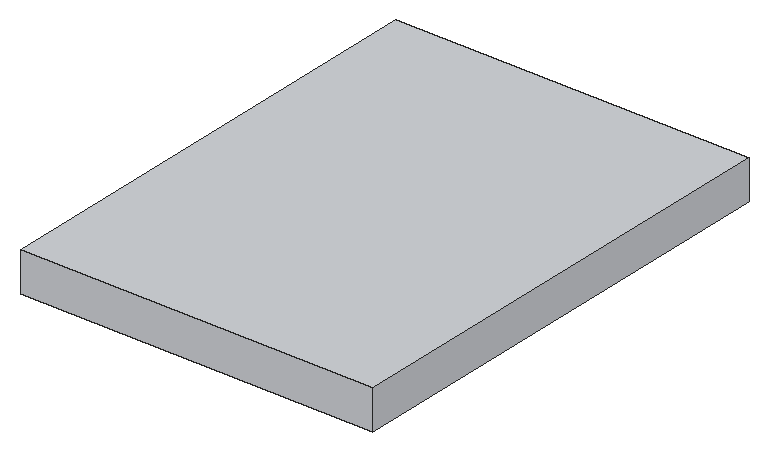
Revit family "71198bbc9adc449d8576bc1c835e478e", category Electrical Equipment, host Face, Revit 2021
Family settings
  Host = Face
  Round Connector Dimension = Use Diameter
  Part Type = Other Panel
  OmniClass Number = 23.85.30.21.11.14
  OmniClass Title = Alarm Panels
  Seek Item ID = Firefighter's Control and Indicating Panel-0000-USA-ENU
  Cut with Voids When Loaded = No
  Shared = No
  Room Calculation Point = No
Parameters (values of type "Standard")
  Width = 4' - 0"
  Panel Material = none
  Length = 3' - 0"
  Height = 0' - 4"
  Default Elevation = 4' - 0"
Reference planes (in)
  plane 1 "Center (Front/Back)": y = 0
  plane 2: z = 0
  plane 3 "Center (Left/Right)": x = 0
  plane 4: x = -18
  plane 5: x = 18
  plane 6: y = -48
  plane 7: z = 4
Forms (in)
  Extrusion 1, solid, material <- "Panel Material"
    sketch origin (0, 0, 0) x (1, 0, 0) y (0, 1, 0)
      loop
        line (-18, 0) -> (-18, -48) -> (18, -48) -> (18, 0) -> (-18, 0)
    from 0 to 4
Dimensions and locks (in)
  "Width": plane 1 "Center (Front/Back)" to plane 6
  equal spacing: plane 4, plane 3 "Center (Left/Right)", plane 5
  "Length": plane 4 to plane 5
  "Height": plane 7 to plane 2
  aligned and locked: plane 2 to host face
  aligned and locked: level to host face
  aligned and locked: plane 4 to Extrusion 1 sketch curve
  aligned and locked: plane 1 "Center (Front/Back)" to Extrusion 1 sketch curve
  aligned and locked: plane 6 to Extrusion 1 sketch curve
  aligned and locked: Extrusion 1 sketch curve to plane 5
  aligned and locked: Extrusion 1 to plane 2
  aligned and locked: plane 7 to Extrusion 1
  aligned and locked: plane 5 to Extrusion 1
  aligned and locked: plane 2 to nested 1
  aligned and locked: plane 7 to nested 1
  aligned and locked: plane 4 to nested 1
  aligned and locked: plane 5 to nested 1
Automatic sketch dimensions
  host sketch curve to host sketch curve = 8' - 0"  (x2)
Nested families (in)
  nested 1: "Firefighter's Control and Indicating Panel Annotation" at (21.5, 0, -5.5) x (1, 0, 0) z (0, -1, 0), type "Firefighter's Control and Indicating Panel Annotation", detail levels coarse+medium
    with Width 0' - 4", Length 3' - 0"
Connectors (in)
  electrical at (0, 0, 2)
    settings: on Extrusion 1, index 1, voltage 0 V, apparent load 0 VA, apparent load phase1 0 VA, apparent load phase2 0 VA, apparent load phase3 0 VA, power factor 1, load classification "Other", number of poles 1, system type 11, power factor state 1, is connector primary yes, connector utility no, sub classification motor no, connector description ""
  cabletrayconduit at (0, 0, 2), diameter 24
    settings: on Extrusion 1, index 2, connector width 1' - 0", connector height 1' - 0", connector angle 0.00°, system type 32, placement type 1, profile type 0, connector reference index -1, is primary connector yes, connector utility param no, connector description ""
  cabletrayconduit at (-18, -24, 2), diameter 24
    settings: on Extrusion 1, index 3, connector width 1' - 0", connector height 1' - 0", connector angle 0.00°, system type 32, placement type 1, profile type 0, connector reference index -1, is primary connector no, connector utility param no, connector description ""
  cabletrayconduit at (18, -24, 2), diameter 24
    settings: on Extrusion 1, index 4, connector width 1' - 0", connector height 1' - 0", connector angle 0.00°, system type 32, placement type 1, profile type 0, connector reference index -1, is primary connector no, connector utility param no, connector description ""
  cabletrayconduit at (0, -24, 0), diameter 24
    settings: on Extrusion 1, index 5, connector width 1' - 0", connector height 1' - 0", connector angle 0.00°, system type 32, placement type 1, profile type 0, connector reference index -1, is primary connector no, connector utility param no, connector description ""
  cabletrayconduit at (0, -48, 2), diameter 24
    settings: on Extrusion 1, index 6, connector width 1' - 0", connector height 1' - 0", connector angle 0.00°, system type 32, placement type 1, profile type 0, connector reference index -1, is primary connector no, connector utility param no, connector description ""
Definition of nested family "Firefighter's Control and Indicating Panel Annotation"
  Parameters
    Width [instance] = 0' - 5"
    Length [instance] = 0' - 5"
    Assembly Code = ""
  Reference planes (in)
    plane 1 "Center (Front/Back)": y = 7.5
    plane 2: z = 0
    plane 3 "Center (Left/Right)": x = -21.5
    plane 4: x = -24
    plane 5: x = -19
    plane 6: y = 10
    plane 7: y = 5
  Lines and regions (in)
    Filled region 1, type "Solid Fill - Black", in view "Ref. Level"
      outline origin (-11.38974, 14.55916, 0) x (1, 0, 0) y (0, 1, 0)
        loop
          arc (-10.52967, -6.86066) -> (-10.64636, -6.97122) -> (-10.52967, -7.08177) r 0.11072
          line (-10.52967, -7.08177) -> (-10.41215, -7.08177) -> (-10.41215, -7.22816) -> (-10.36743, -7.22816) -> (-10.36743, -6.86066) -> (-10.52967, -6.86066)
        loop
          arc (-10.52967, -6.90446) -> (-10.597, -6.97152) -> (-10.52967, -7.03858) r 0.06706
          line (-10.52967, -7.03858) -> (-10.41215, -7.03858) -> (-10.41215, -6.90446) -> (-10.52967, -6.90446)
        loop
          line (-10.23225, -6.85841) -> (-10.28195, -6.85841) -> (-10.28195, -7.22816) -> (-10.23225, -7.22816) -> (-10.23225, -6.85841)
        loop
          line (-9.78895, -6.85841) -> (-9.78895, -6.90413) -> (-9.59414, -6.90413) -> (-9.59414, -7.01744) -> (-9.76509, -7.01744) -> (-9.76509, -7.05916) -> (-9.59414, -7.05916) -> (-9.59414, -7.22617) -> (-9.54245, -7.22617) -> (-9.54245, -6.85841) -> (-9.78895, -6.85841)
        loop
          line (-10.16075, -6.962) -> (-10.11976, -6.97215)
          arc (-10.11976, -6.97215) -> (-10.07601, -6.91171) -> (-10.00255, -6.89858) r 0.09966
          arc (-10.00255, -6.89858) -> (-9.88324, -7.04593) -> (-10.00255, -7.19327) r 0.15064
          arc (-10.00255, -7.19327) -> (-10.07565, -7.17962) -> (-10.11904, -7.11922) r 0.09984
          line (-10.11904, -7.11922) -> (-10.16078, -7.12949)
          arc (-10.16078, -7.12949) -> (-10.10228, -7.21354) -> (-10.00255, -7.2368) r 0.14279
          arc (-10.00255, -7.2368) -> (-9.84222, -7.04572) -> (-10.00255, -6.85464) r 0.19403
          arc (-10.00255, -6.85464) -> (-10.10227, -6.87794) -> (-10.16075, -6.962) r 0.14282
    detail lines, in view "Ref. Level"
      curve 1: line (-24, 10, 0) -> (-19, 10, 0)
      curve 2: line (-24, 5, 0) -> (-24, 10, 0)
      curve 3: line (-19, 5, 0) -> (-24, 5, 0)
      curve 4: line (-19, 10, 0) -> (-19, 5, 0)
      curve 5: line (-20.93219, 7.70075, 0) -> (-20.93219, 7.33299, 0)
      curve 6: line (-20.93219, 7.33299, 0) -> (-20.98387, 7.33299, 0)
      curve 7: line (-20.98387, 7.33299, 0) -> (-20.98387, 7.5, 0)
      curve 8: line (-20.98387, 7.5, 0) -> (-21.15483, 7.5, 0)
      curve 9: line (-21.15483, 7.5, 0) -> (-21.15483, 7.54172, 0)
      curve 10: line (-21.15483, 7.54172, 0) -> (-20.98387, 7.54172, 0)
      curve 11: line (-20.98387, 7.54172, 0) -> (-20.98387, 7.65503, 0)
      curve 12: line (-20.98387, 7.65503, 0) -> (-21.17869, 7.65503, 0)
      curve 13: line (-21.17869, 7.65503, 0) -> (-21.17869, 7.70075, 0)
      curve 14: line (-21.17869, 7.70075, 0) -> (-20.93219, 7.70075, 0)
      curve 15: line (-21.62199, 7.70075, 0) -> (-21.62199, 7.331, 0)
      curve 16: line (-21.62199, 7.331, 0) -> (-21.67169, 7.331, 0)
      curve 17: line (-21.67169, 7.331, 0) -> (-21.67169, 7.70075, 0)
      curve 18: line (-21.67169, 7.70075, 0) -> (-21.62199, 7.70075, 0)
      curve 19: line (-21.75717, 7.6985, 0) -> (-21.75717, 7.331, 0)
      curve 20: line (-21.75717, 7.331, 0) -> (-21.80189, 7.331, 0)
      curve 21: line (-21.80189, 7.331, 0) -> (-21.80189, 7.47739, 0)
      curve 22: line (-21.80189, 7.52058, 0) -> (-21.80189, 7.65469, 0)
      curve 23: arc (-21.91941, 7.47739, 0) -> (-22.0361, 7.58794, 0) -> (-21.91941, 7.6985, 0) r 0.11072
      curve 24: arc (-21.91941, 7.65469, 0) -> (-21.98674, 7.58764, 0) -> (-21.91941, 7.52058, 0) r 0.06706
      curve 25: line (-21.91941, 7.52058, 0) -> (-21.80189, 7.52058, 0)
      curve 26: line (-21.91941, 7.6985, 0) -> (-21.75717, 7.6985, 0)
      curve 27: line (-21.91941, 7.65469, 0) -> (-21.80189, 7.65469, 0)
      curve 28: line (-21.91941, 7.47739, 0) -> (-21.80189, 7.47739, 0)
      curve 29: spline (-21.39229, 7.70451, 0) -> (-21.35043, 7.698, 0) -> (-21.31143, 7.67891, 0) -> (-21.27794, 7.64855, 0) -> (-21.25224, 7.60897, 0) -> (-21.23608, 7.56289, 0) -> (-21.23057, 7.51343, 0) -> (-21.23608, 7.46398, 0) -> (-21.25224, 7.4179, 0) -> (-21.27794, 7.37832, 0) -> (-21.31143, 7.34796, 0) -> (-21.35043, 7.32887, 0) -> (-21.39229, 7.32236, 0)
      curve 30: arc (-21.55049, 7.59716, 0) -> (-21.492, 7.68121, 0) -> (-21.39229, 7.70451, 0) r 0.14282
      curve 31: arc (-21.55052, 7.42967, 0) -> (-21.49202, 7.34562, 0) -> (-21.39229, 7.32236, 0) r 0.14279
      curve 32: line (-21.39421, 7.66096, 0) -> (-21.39421, 7.36552, 0)
      curve 33: arc (-21.5095, 7.587, 0) -> (-21.46657, 7.64692, 0) -> (-21.39421, 7.66096, 0) r 0.09966
      curve 34: arc (-21.39421, 7.36552, 0) -> (-21.46621, 7.38007, 0) -> (-21.50877, 7.43994, 0) r 0.09984
      curve 35: line (-21.55049, 7.59716, 0) -> (-21.5095, 7.587, 0)
      curve 36: line (-21.55052, 7.42967, 0) -> (-21.50877, 7.43994, 0)
  Dimensions and locks (in)
    equal spacing: plane 4, plane 3 "Center (Left/Right)", plane 5
    "Length": plane 4 to plane 5
    equal spacing: plane 6, plane 1 "Center (Front/Back)", plane 7
    "Width": plane 6 to plane 7
    aligned and locked: plane 4 to curve 1
    aligned and locked: curve 1 to plane 6
    aligned and locked: plane 7 to curve 4
    aligned and locked: curve 4 to plane 5
    aligned and locked: Filled region 1 sketch curve to curve 26
    aligned and locked: Filled region 1 sketch curve to curve 23
    aligned and locked: Filled region 1 sketch curve to curve 27
    aligned and locked: Filled region 1 sketch curve to curve 24
    aligned and locked: Filled region 1 sketch curve to curve 25
    aligned and locked: Filled region 1 sketch curve to curve 22
    aligned and locked: Filled region 1 sketch curve to curve 28
    aligned and locked: Filled region 1 sketch curve to curve 19
    aligned and locked: Filled region 1 sketch curve to curve 21
    aligned and locked: Filled region 1 sketch curve to curve 20
    aligned and locked: Filled region 1 sketch curve to curve 15
    aligned and locked: Filled region 1 sketch curve to curve 17
    aligned and locked: Filled region 1 sketch curve to curve 18
    aligned and locked: Filled region 1 sketch curve to curve 16
    aligned and locked: Filled region 1 sketch curve to curve 14
    aligned and locked: Filled region 1 sketch curve to curve 5
    aligned and locked: Filled region 1 sketch curve to curve 6
    aligned and locked: Filled region 1 sketch curve to curve 7
    aligned and locked: Filled region 1 sketch curve to curve 8
    aligned and locked: Filled region 1 sketch curve to curve 9
    aligned and locked: Filled region 1 sketch curve to curve 10
    aligned and locked: Filled region 1 sketch curve to curve 11
    aligned and locked: Filled region 1 sketch curve to curve 12
    aligned and locked: Filled region 1 sketch curve to curve 13
    aligned and locked: Filled region 1 sketch curve to curve 35
    aligned and locked: Filled region 1 sketch curve to curve 36
    aligned and locked: curve 8 to plane 1 "Center (Front/Back)"
  Automatic sketch dimensions
    curve 23 to curve 24 = 0' - 0.0057"
    curve 23 to curve 27 = 0' - 0.00597"
    curve 23 to curve 27 = 0' - 0"
    curve 24 to curve 23 = 0' - 0.00027"
    curve 25 to curve 23 = 0' - 0"
    curve 28 to curve 20 = 0' - 0.11752"
    curve 24 to curve 27 = 0' - 0.11752"
    curve 22 to curve 26 = 0' - 0.04472"
    curve 19 to curve 16 = 0' - 0.08548"
    curve 17 to curve 18 = 0' - 0.0497"
    curve 15 to curve 36 = 0' - 0.07147"
    curve 15 to curve 35 = 0' - 0.0715"
    curve 30 to curve 35 = 0' - 0.04099"
    curve 36 to curve 34 = 0' - 0.04175"
    curve 33 to curve 33 = 0' - 0.09674"
    curve 33 to curve 31 = 0' - 0.00089"
    curve 31 to curve 34 = 0' - 0.00005"
    curve 33 to curve 30 = 0' - 0.00096"
    curve 30 to curve 32 = 0' - 0.01759"
    curve 32 to curve 30 = 0' - 0.00192"
    curve 30 to curve 13 = 0' - 0.2136"
    curve 12 to curve 9 = 0' - 0.02385"
    curve 8 to curve 7 = 0' - 0.17096"
    curve 10 to curve 7 = 0' - 0"
    curve 6 to curve 5 = 0' - 0.05169"
    curve 13 to curve 30 = 0' - 0.00377"
    curve 18 to curve 29 = 0' - 0.00377"
    curve 26 to curve 17 = 0' - 0.00225"
    curve 32 to curve 30 = 0' - 0.04356"
    curve 12 to curve 5 = 0' - 0.04572"
    curve 27 to curve 23 = 0' - 0.0438"
    curve 30 to curve 15 = 0' - 0.10359"
    curve 23 to curve 24 = 0' - 0.06675"
    curve 24 to curve 23 = 0' - 0.00031"
    curve 33 to curve 30 = 0' - 0.01016"
    curve 29 to curve 30 = 0' - 0.0496"
    curve 9 to curve 9 = 0' - 0.04172"
    curve 34 to curve 29 = 0' - 0.04964"
    curve 31 to curve 34 = 0' - 0"
    curve 36 to curve 34 = 0' - 0.01027"
    curve 5 to curve 7 = 0' - 0.16701"
    curve 17 to curve 31 = 0' - 0.09867"
    curve 19 to curve 16 = 0' - 0"
    Filled region 1 sketch curve to Filled region 1 sketch curve = 0' - 0.07147"
    Filled region 1 sketch curve to Filled region 1 sketch curve = 0' - 0.0715"
    Filled region 1 sketch curve to Filled region 1 sketch curve = 0' - 0.04099"
    Filled region 1 sketch curve to Filled region 1 sketch curve = 0' - 0.04175"
    Filled region 1 sketch curve to Filled region 1 sketch curve = 0' - 0.08279"
    Filled region 1 sketch curve to Filled region 1 sketch curve = 0' - 0.00237"
    Filled region 1 sketch curve to Filled region 1 sketch curve = 0' - 0.01085"
    Filled region 1 sketch curve to Filled region 1 sketch curve = 0' - 0 3/256"
    Filled region 1 sketch curve to Filled region 1 sketch curve = 0' - 0.00005"
    Filled region 1 sketch curve to Filled region 1 sketch curve = 0' - 0.00096"
    Filled region 1 sketch curve to Filled region 1 sketch curve = 0' - 0 5/256"  (x2)
    Filled region 1 sketch curve to Filled region 1 sketch curve = 0' - 0"  (x3)
    Filled region 1 sketch curve to Filled region 1 sketch curve = 0' - 0.04943"
    Filled region 1 sketch curve to Filled region 1 sketch curve = 0' - 0.00021"
    Filled region 1 sketch curve to Filled region 1 sketch curve = 0' - 0.11758"
    curve 23 to plane 1 "Center (Front/Back)" = 0' - 0.08794"
    curve 23 to plane 3 "Center (Left/Right)" = 0' - 0.42538"
